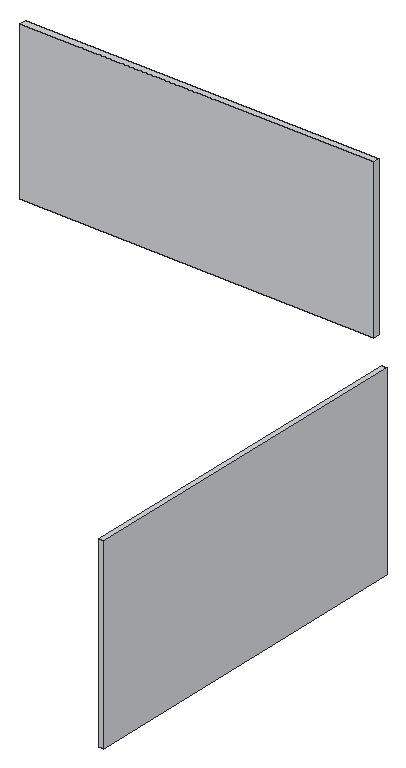
Revit family "EKF400E1 BIM position 2", category Mechanical Equipment, Revit 2013
Parameters (values of type "EKF400E1")
  Width = "700 mm"
  Weight = "63 kg"
  Warranty period = "Unit 2 years                                    Motor 5 years"
  Sub Type = "Lo-Carbon Kitchen Box Fan"
  Width (including handles) = "784 mm"
  Height (inclusing controller) = "826 mm"
  Product Description = "Lo-Carbon Kitchen Box Fan"
  Part Number = "EKF400E1"
  Operating Temperature = "(-20C to +40C)"
  Maximum In-Duct Temperature = "120 Degrees C"
  Motor Rating = "0.53kW Max"
  Manufacturer - Website = "www.vent-axia.com"
  Manufacturer - Name = "Vent-Axia Ltd"
  Manufacturer - Email = "sales@vent-axia.com"
  Manufacturer - Contact Phone = "0844 856 0590"
  Manufacturer - Address = "Fleming Way, Crawley, West Sussex RH10 9YX"
  IP Rating = "IP54"
  Height = "700 mm\r\n220mm"
  Length = "700 mm"
  Family = "In-Line Range"
  Country of Manufacture = "UK"
  Category = "Lo-Carbon Kitchen Box Fan"
  AC Voltage Input = "220-240 V AC (single phase)"
  AC Frequency Input = "50Hz nominal"
Reference planes
  plane 1 "Center (Front/Back)": y = 0
  plane 2: z = 0
  plane 3 "Center (Left/Right)": x = 0
  plane 4: z = 413
  plane 5: z = -413
  plane 6: y = -392
  plane 7: y = 392
  plane 8: z = 288.063
  plane 9: z = -411.937
  plane 10: y = 292.257
  plane 11: y = -291.465
  plane 12: z = -40.516
  plane 13: z = -42.026
  plane 14: z = -346.468
Forms (mm)
  Extrusion 1, solid, detail levels coarse+medium
    sketch origin (-1379.08, 248.949, -45.414) x (1, 0, 0) y (0, 1, 0)
      loop
        line (927.585, 171.051) -> (927.585, -669.889) -> (1763.585, -669.889) -> (1763.585, 171.051) -> (927.585, 171.051)
    from -436.75 to 505.414
  Extrusion 2, solid
    sketch origin (54.203, -1.893, 0) x (0, 1, 0) y (0, 0, 1)
      loop
        line (292.257, -42.026) -> (-287.836, -42.026) -> (-287.836, -346.468) -> (292.257, -346.468) -> (292.257, -42.026)
    from 286.25 to 294.302
  Extrusion 3, solid
    sketch origin (-0.396, 636.875, 288.403) x (1, 0, 0) y (0, 0, 1)
      loop
        line (288.901, -71.276) -> (-291.465, -71.276) -> (-291.465, -328.919) -> (288.901, -328.919) -> (288.901, -71.276)
    from 286.25 to 296.604
Dimensions and locks
  plane 4 to plane 5 = 826 mm
  plane 7 to plane 6 = 784 mm
  plane 9 to plane 8 = 700 mm
  plane 10 to plane 11 = 583.723 mm
  plane 13 to plane 14 = 304.442 mm
Connectors
  hvac at (348.505, 0.271, -190.095)
    settings: on import instance, index 1, duct flow 0.0 L/s, flow factor 0, pres drop 0.0 Pa, loss coef 0, conn angle 0.00°, conn width 584 mm, conn height 304.8 mm, conn radius 304.8 mm, duct sys type 2, conn prof type 1, flow config 0, flow direction 1, loss method 0, conn ref index -1, conn util no, is conn primary yes, conn desc ""
  hvac at (-1.495, 350.271, 90.655)
    settings: on import instance, index 2, duct flow 0.0 L/s, flow factor 0, pres drop 0.0 Pa, loss coef 0, conn angle 0.00°, conn width 584 mm, conn height 258 mm, conn radius 304.8 mm, duct sys type 2, conn prof type 1, flow config 0, flow direction 2, loss method 0, conn ref index -1, conn util no, is conn primary no, conn desc ""
